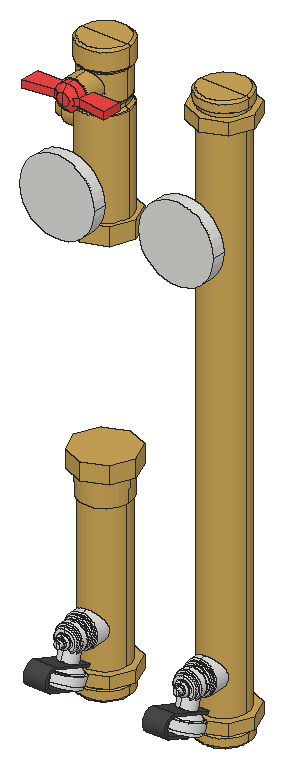
Revit family "VT.VAR10.G.07", category Оборудование, Revit 2019
Family settings
  Размер круглого соединителя = Использовать диаметр
  Тип детали = Нормальный
  Номер OmniClass = 23.75.00.00
  Заголовок OmniClass = Climate Control (HVAC)
  На основе рабочей плоскости = Нет
  Всегда вертикально = Да
  При загрузке вырезать с полостями = Нет
  Общий = Нет
  Точка расчета площади = Нет
Parameters
  Техническое описание = "https://valtec.ru/catalog/sistemy_modulnogo_montazha/gruppy_bystrogo_montazha/nasosnyj_modul_vtvar10g.html"
  Страна изготовитель = "Italy"
  Семейство продуктов = "Тепловая электростанция"
  Размер соединения = "G 1\"1/4 M"
  Практическое руководство по использованию семьи = "- Вы можете выбрать один из трех вариантов о типе насосов. Отметьте эту опцию в параметрах «без насоса» или «электронный насос с переменной скоростью» или «стандартный трехскоростной насос» в свойствах модели."
  Полный гидравлический возвратный поток = 0.0 L/s
  Пенополистрирольная теплоизоляция = no
  Описание Конфигурации = "Высокотемпературный комплект прямого потока для системы VARIMIX."
  Описание OmniClass = "HVAC Специальные продукты и оборудование"
  Описание NBS = "Клапан"
  Общий поток подачи гидравлики = 0.0 L/s
  Номинальная ширина = 0 mm
  Номинальная высота = 0 mm
  Материал основной = "Латунь"
  Материал вторичный = ""
  Материал = "Латунь - CW617N"
  Мастерформат 2014 Описание = "Отопление, вентиляция и кондиционирование воздуха (HVAC)"
  Макс рабочее давление (бар) = 10.0 bar
  Макс рабочая температура (°С) = 120 °C
  Код основной категории BIMobject = "Водопровод"
  Код категории BIMобъекта = "Водопроводным-другой"
  Классификация IFC = "Клапан"
  электронасос переменной скорости (по умолчанию) [instance] = no
  нет насоса = yes
  Инструкция по установке = "https://valtec.ru/catalog/sistemy_modulnogo_montazha/gruppy_bystrogo_montazha/nasosnyj_modul_vtvar10g.html"
  Группа товаров = "VARIMIX"
  Вес нетто (кг) = "0"
  Uniclass 2015 Name = "Системы отопления, охлаждения и охлаждения"
  Uniclass 2.0 Description = "Клапаны"
  URL продукта = "https://valtec.ru/catalog/sistemy_modulnogo_montazha/gruppy_bystrogo_montazha/nasosnyj_modul_vtvar10g.html"
  URL = "https://valtec.ru/catalog/sistemy_modulnogo_montazha/gruppy_bystrogo_montazha/nasosnyj_modul_vtvar10g.html"
  SKU продукта = "VARIMIX"
  Revit Version = "2018"  # constant formula
  Размеры соединения насоса = "G 1\"1/2 M"
  Изготовитель = "IVAR"  # constant formula
  Product certification = "https://www.ivar-group.com/en/web/international/modular-system-for-thermal-power-stations-varimix/c-2496-2486"
  Produced in = "Made in Italy"  # constant formula
  Группа модели = "VAR 10"  # constant formula
  Item code_IVAR [instance] = if(and(нет насоса, not([электронасос переменной скорости (по умолчанию)]), not([трехскоростной стандартный насос (по умолчанию)])), "550610", if(and([электронасос переменной скорости (по умолчанию)], not(нет насоса), not([трехскоростной стандартный насос (по умолчанию)])), "550610PE", if(and([трехскоростной стандартный насос (по умолчанию)], not(нет насоса), not([электронасос переменной скорости (по умолчанию)])), "550610P", "Attention! Make one and only one choice regarding the pump")))  # "550610"
  GTIN code = ""
  Описание = "Высокотемпературный комплект прямого потока для системы VARIMIX"  # constant formula
  BIMобъект основная категория = "Водопровод"
  BIMобъект категории = "Другие"
  Article Type = Группа модели  # "VAR 10"
  Описание статьи = Описание  # "Высокотемпературный комплект прямого потока для системы VARIMIX"
  трехскоростной стандартный насос (по умолчанию) [instance] = no
Reference planes
  plane 1 "RIF X": y = 0
  plane 2: z = 0
  plane 3 "RIF BB": x = 3500
  plane 4: x = 3600.11
  plane 5: z = 70.514
  plane 6: through (1975.934, -26.915, 81.293) normal (0.0033, -1, 0)
  plane 7: z = 81.918
  plane 8: through (1975.987, -42.915, 76.734) normal (-0.0033, 1, 0)
  plane 9: through (1975.977, -39.915, 70.514) normal (-0.0033, 1, 0)
  plane 10: z = 70.514
  plane 11: through (1975.934, -26.915, 81.293) normal (0.0033, -1, 0)
  plane 12: z = 81.918
  plane 13: through (1975.987, -42.915, 76.734) normal (-0.0033, 1, 0)
  plane 14: through (1975.977, -39.915, 70.514) normal (-0.0033, 1, 0)
  plane 15: z = 37.509
  plane 16: z = -337.491
  plane 17: through (2076.135, -42.304, -337.491) normal (0.0054, -0.9397, 0.342)
  plane 18: z = -337.491
  plane 19: through (3855.595, -1524, -337.491) normal (0.9397, 0, 0.342)
  plane 20: z = -337.491
  plane 21: through (1976.025, -42.304, -337.491) normal (0.0054, -0.9397, 0.342)
  plane 22 "dietro": y = 69
  plane 23 "davanti": y = -69
  plane 24: z = 88.123
Forms (mm)
  Revolve 1, solid, material "BRASS - CW617N", detail levels medium+fine
    sketch origin (-1.782, 0, 0) x (1, 0, 0) y (0, 0, 1)
      loop
        line (3601.892, 74.063) -> (3583.092, 74.063) -> (3583.092, -368.484) -> (3601.892, -368.484) -> (3601.892, 74.063)
      axis (3601.892, 74.063) -> (3601.892, -368.484)
    angle from 0 to 360
  Revolve 2, solid, material "BRASS - CW617N", detail levels medium+fine
    sketch origin (-1.782, 0, -294.445) x (1, 0, 0) y (0, 0, -1)
      loop
        line (3601.892, 96.555) -> (3582.8, 96.555) -> (3580.95, 94.705) -> (3580.95, 88.123) -> (3582.8, 87.055) -> (3582.8, 84.039) -> (3601.892, 84.039) -> (3601.892, 96.555)
      axis (3601.892, 96.555) -> (3601.892, 84.039)
    angle from 0 to 360
  Revolve 3, solid, material "BRASS - CW617N", detail levels medium+fine
    sketch origin (-1.782, 0, 0) x (1, 0, 0) y (0, 0, 1)
      loop
        line (3601.892, 96.555) -> (3582.8, 96.555) -> (3580.95, 94.705) -> (3580.95, 88.123) -> (3582.8, 87.055) -> (3582.8, 84.039) -> (3601.892, 84.039) -> (3601.892, 96.555)
      axis (3601.892, 96.555) -> (3601.892, 84.039)
    angle from 0 to 360
  Revolve 4, solid, material "BRASS - CW617N", detail levels medium+fine
    sketch origin (-101.892, 0, -294.445) x (1, 0, 0) y (0, 0, -1)
      loop
        line (3601.892, 96.555) -> (3582.8, 96.555) -> (3580.95, 94.705) -> (3580.95, 88.123) -> (3582.8, 87.055) -> (3582.8, 84.039) -> (3601.892, 84.039) -> (3601.892, 96.555)
      axis (3601.892, 96.555) -> (3601.892, 84.039)
    angle from 0 to 360
  Extrusion 5, solid, material "BRASS - CW617N", detail levels medium+fine
    sketch origin (-0.635, 152.341, 74.063) x (0, -1, 0) y (1, 0, 0)
      loop
        line (178.514, 3600.745) -> (170.848, 3619.252) -> (152.341, 3626.917) -> (133.834, 3619.252) -> (126.168, 3600.745) -> (133.834, 3582.238) -> (152.341, 3574.572) -> (170.848, 3582.238) -> (178.514, 3600.745)
    from 0.009 to 10
  Extrusion 6, solid, material "BRASS - CW617N", detail levels medium+fine
    sketch origin (-100.745, 152.341, -378.484) x (1, 0, 0) y (0, 1, 0)
      loop
        line (3600.745, -178.514) -> (3619.252, -170.848) -> (3626.917, -152.341) -> (3619.252, -133.834) -> (3600.745, -126.168) -> (3582.238, -133.834) -> (3574.572, -152.341) -> (3582.238, -170.848) -> (3600.745, -178.514)
    from 0 to 10
  Extrusion 7, solid, material "BRASS - CW617N", detail levels medium+fine
    sketch origin (-0.635, 152.341, -378.484) x (1, 0, 0) y (0, 1, 0)
      loop
        line (3600.745, -178.514) -> (3619.252, -170.848) -> (3626.917, -152.341) -> (3619.252, -133.834) -> (3600.745, -126.168) -> (3582.238, -133.834) -> (3574.572, -152.341) -> (3582.238, -170.848) -> (3600.745, -178.514)
    from 0 to 10
  Extrusion 8, solid, material "BRASS - CW617N", detail levels medium+fine
    sketch origin (0, 153.014, -44.5) x (0, -1, 0) y (1, 0, 0)
      loop
        line (153.014, 3473.991) -> (171.405, 3481.609) -> (179.023, 3500) -> (171.405, 3518.391) -> (153.014, 3526.009) -> (134.623, 3518.391) -> (127.005, 3500) -> (134.623, 3481.609) -> (153.014, 3473.991)
    from 0 to 14.5
  Extrusion 9, solid, material "BRASS - CW617N", detail levels medium+fine
    sketch origin (0, 153.014, -224) x (0, -1, 0) y (1, 0, 0)
      loop
        line (153.014, 3473.991) -> (171.405, 3481.609) -> (179.023, 3500) -> (171.405, 3518.391) -> (153.014, 3526.009) -> (134.623, 3518.391) -> (127.005, 3500) -> (134.623, 3481.609) -> (153.014, 3473.991)
    from 0 to 14.5
  Revolve 10, solid, material "BRASS - CW617N", detail levels medium+fine
    sketch origin (0, 0, 0) x (1, 0, 0) y (0, 0, 1)
      loop
        line (3479.141, 98.65) -> (3479.141, 83.85) -> (3480.39, 82.601)
        arc (3480.39, 82.601) -> (3480.835, 81.935) -> (3480.991, 81.15) r 2.052
        line (3480.991, 81.15) -> (3480.991, 59.036) -> (3481.259, 58.036) -> (3482.491, 55.774) -> (3482.491, 53.108)
        arc (3482.491, 53.108) -> (3481.754, 51.476) -> (3480.043, 50.95) r 2.175
        line (3480.043, 50.95) -> (3479.541, 50.025) -> (3479.541, -30) -> (3500, -30) -> (3500, 100.5) -> (3480.991, 100.5) -> (3479.141, 98.65)
      axis (3500, 100.5) -> (3500, -30)
    angle from 0 to 360
  Revolve 11, solid, material "BRASS - CW617N", detail levels medium+fine
    sketch origin (0, 0, 0) x (1, 0, 0) y (0, 0, 1)
      loop
        line (3500, -224) -> (3479.53, -224) -> (3479.942, -244.991) -> (3481.241, -244.991) -> (3481.241, -368.484) -> (3500, -368.484) -> (3500, -224)
      axis (3500, -224) -> (3500, -368.484)
    angle from 0 to 360
  Revolve 12, solid, material "BRASS - CW617N", detail levels fine
    sketch origin (3500.114, -78.556, 15.384) x (0, 0, -1) y (0.003319, -0.999994, 0)
      loop
        line (-66.534, -78.458) -> (-55.13, -78.458) -> (-55.13, -45.631) -> (-66.534, -45.631) -> (-66.534, -78.458)
      axis (-55.13, -45.631) -> (-55.13, -78.458)
    angle from 0 to 360
  Extrusion 13, solid, material "Plastic - Red", detail levels fine
    sketch origin (3555.102, -78.556, 70.733) x (0.999999, 0, 0.001416) y (-0.000005, -0.999994, 0.003319)
      loop
        line (-44.92, -38.045) -> (-50.246, -35.39) -> (-55.13, -35.39) -> (-60.014, -35.39) -> (-65.34, -38.045) -> (-89.63, -34.331) -> (-89.63, -50.7) -> (-64.864, -50.7) -> (-64.864, -43.7) -> (-61.35, -40.7) -> (-55.13, -40.7) -> (-48.91, -40.7) -> (-45.396, -43.7) -> (-45.396, -50.7) -> (-20.63, -50.7) -> (-20.63, -34.331) -> (-44.92, -38.045)
    from -2.97 to 2.97
  Revolve 14, solid, material "RGB 255 0 0", detail levels fine
    sketch origin (3500.114, -78.556, 15.384) x (0, 0, -1) y (0.003319, -0.999994, 0)
      loop
        line (-65.489, -45.631) -> (-55.13, -45.631) -> (-55.13, -34.715) -> (-60.276, -34.715) -> (-65.489, -39.165) -> (-65.489, -45.631)
      axis (-55.13, -45.631) -> (-55.13, -34.715)
    angle from 0 to 360
  Extrusion 15, solid, material "Copper - Nickel", detail levels fine
    sketch origin (4472.69, -25, 0) x (1, 0, 0) y (0, 0, 1)
      loop
        circle (-972.69, 0) r 7
    from -30 to 15
  Extrusion 16, solid, material "Copper - Nickel", detail levels fine
    sketch origin (4472.69, -40, 100) x (1, 0, 0) y (0, 0, 1)
      loop
        circle (-972.69, -100) r 31.5
    from 0 to 10
  Extrusion 17, solid, material "Copper - Nickel", detail levels fine
    sketch origin (4572.799, -30, 0) x (1, 0, 0) y (0, 0, 1)
      loop
        circle (-972.69, 0) r 7
    from -30 to 15
  Extrusion 18, solid, material "Copper - Nickel", detail levels fine
    sketch origin (4572.799, -25, 0) x (1, 0, 0) y (0, 0, 1)
      loop
        circle (-972.69, 0) r 7
    from -30 to 15
  Extrusion 19, solid, material "Copper - Nickel", detail levels fine
    sketch origin (4572.799, -40, 100) x (1, 0, 0) y (0, 0, 1)
      loop
        circle (-972.69, -100) r 31.5
    from 0 to 10
  Revolve 20, solid, material "BRASS - CW617N", detail levels medium+fine
    sketch origin (0, 0, 0) x (1, 0, 0) y (0, 0, 1)
      loop
        line (3500.051, 37.509) -> (3500.051, 49.509) -> (3473.491, 49.509) -> (3473.491, 46.509) -> (3465.491, 46.509) -> (3465.491, 37.509) -> (3500.051, 37.509)
      axis (3500.051, 37.509) -> (3465.491, 37.509)
    angle from 0 to 360
  Revolve 21, solid, material "Brass - Nickel", detail levels medium+fine
    sketch origin (3577.964, 3821.981, 0) x (0.005744, -0.999984, 0) y (0, 0, 1)
      loop
        line (3834.932, -323.741) -> (3834.932, -337.491) -> (3872.295, -337.491) -> (3872.295, -334.991) -> (3868.846, -334.991) -> (3868.846, -334.091) -> (3867.895, -334.091) -> (3867.895, -333.018)
        arc (3867.895, -333.018) -> (3867.349, -332.275) -> (3866.471, -331.991) r 1.5
        line (3866.471, -331.991) -> (3865.639, -331.991)
        arc (3865.639, -331.991) -> (3864.996, -331.758) -> (3864.654, -331.165) r 1
        line (3864.654, -331.165) -> (3864.24, -328.818)
        arc (3864.24, -328.818) -> (3863.898, -328.225) -> (3863.256, -327.991) r 1
        line (3863.256, -327.991) -> (3861.356, -327.991) -> (3860.508, -326.761)
        arc (3860.508, -326.761) -> (3860.149, -326.443) -> (3859.683, -326.328) r 1.001
        line (3859.683, -326.328) -> (3854.64, -326.328)
        arc (3854.64, -326.328) -> (3854.035, -326.485) -> (3853.581, -326.915) r 1.249
        line (3853.581, -326.915) -> (3852.908, -327.991)
        arc (3852.908, -327.991) -> (3851.776, -327.791) -> (3851.1, -326.86) r 1.537
        line (3851.1, -326.86) -> (3850.821, -325.738)
        arc (3850.821, -325.738) -> (3850.516, -325.27) -> (3849.988, -325.088) r 0.858
        line (3849.988, -325.088) -> (3848.695, -325.088) -> (3847.748, -324.845) -> (3846.645, -323.741) -> (3834.932, -323.741)
      axis (3834.932, -337.491) -> (3872.295, -337.491)
    angle from 0 to 360
  Revolve 22, solid, material "Brass - Nickel", detail levels medium+fine
    sketch origin (3577.964, 3821.981, 0) x (0.005744, -0.999984, 0) y (0, 0, 1)
      loop
        line (3850.667, -345.881) -> (3854.43, -356.219) -> (3851.51, -363.445) -> (3851.438, -364.226) -> (3850.48, -364.574) -> (3849.872, -365.091) -> (3852.074, -371.141) -> (3852.842, -370.861) -> (3853.789, -373.462) -> (3860.508, -371.016) -> (3861.063, -372.951) -> (3861.993, -372.612) -> (3862.435, -373.828) -> (3863.459, -374.2) -> (3868.313, -372.434) -> (3855.595, -337.491) -> (3854.371, -337.937)
        arc (3854.371, -337.937) -> (3850.874, -341.142) -> (3850.667, -345.881) r 6.198
      axis (3855.595, -337.491) -> (3868.313, -372.434)
    angle from 0 to 360
  Extrusion 23, solid, material "EPDM - Black", detail levels medium+fine
    sketch origin (3587.182, 3822.034, 0) x (0.005744, -0.999984, 0) y (0, 0, 1)
      loop
        line (3849.731, -357.929) -> (3850.415, -359.809) -> (3885.007, -347.219)
        arc (3885.007, -347.219) -> (3893.979, -351.402) -> (3889.795, -360.374) r 7
        line (3889.795, -360.374) -> (3860.503, -371.036) -> (3861.063, -372.951) -> (3890.402, -362.272)
        arc (3890.402, -362.272) -> (3895.779, -350.742) -> (3884.249, -345.366) r 8.996
        line (3884.249, -345.366) -> (3849.731, -357.929)
    from 0 to 18.5
  Revolve 24, solid, material "Brass - Nickel", not visible, detail levels medium+fine
    sketch origin (0, 0, 0) x (1, 0, 0) y (0, 0, 1)
      loop
        line (3834.932, -323.741) -> (3834.932, -337.491) -> (3872.295, -337.491) -> (3872.295, -334.991) -> (3868.846, -334.991) -> (3868.846, -334.091) -> (3867.895, -334.091) -> (3867.895, -333.018)
        arc (3867.895, -333.018) -> (3867.349, -332.275) -> (3866.471, -331.991) r 1.5
        line (3866.471, -331.991) -> (3865.639, -331.991)
        arc (3865.639, -331.991) -> (3864.996, -331.758) -> (3864.654, -331.165) r 1
        line (3864.654, -331.165) -> (3864.24, -328.818)
        arc (3864.24, -328.818) -> (3863.898, -328.225) -> (3863.256, -327.991) r 1
        line (3863.256, -327.991) -> (3861.356, -327.991) -> (3860.508, -326.761)
        arc (3860.508, -326.761) -> (3860.149, -326.443) -> (3859.683, -326.328) r 1.001
        line (3859.683, -326.328) -> (3854.64, -326.328)
        arc (3854.64, -326.328) -> (3854.035, -326.485) -> (3853.581, -326.915) r 1.249
        line (3853.581, -326.915) -> (3852.908, -327.991)
        arc (3852.908, -327.991) -> (3851.776, -327.791) -> (3851.1, -326.86) r 1.537
        line (3851.1, -326.86) -> (3850.821, -325.738)
        arc (3850.821, -325.738) -> (3850.516, -325.27) -> (3849.988, -325.088) r 0.858
        line (3849.988, -325.088) -> (3848.695, -325.088) -> (3847.748, -324.845) -> (3846.645, -323.741) -> (3834.932, -323.741)
      axis (3834.932, -337.491) -> (3872.295, -337.491)
    angle from 0 to 360
  Revolve 25, solid, material "Brass - Nickel", not visible, detail levels medium+fine
    sketch origin (0, 0, 0) x (1, 0, 0) y (0, 0, 1)
      loop
        line (3850.667, -345.881) -> (3854.43, -356.219) -> (3851.51, -363.445) -> (3851.438, -364.226) -> (3850.48, -364.574) -> (3849.872, -365.091) -> (3852.074, -371.141) -> (3852.842, -370.861) -> (3853.789, -373.462) -> (3860.508, -371.016) -> (3861.063, -372.951) -> (3861.993, -372.612) -> (3862.435, -373.828) -> (3863.459, -374.2) -> (3868.313, -372.434) -> (3855.595, -337.491) -> (3854.371, -337.937)
        arc (3854.371, -337.937) -> (3850.874, -341.142) -> (3850.667, -345.881) r 6.198
      axis (3855.595, -337.491) -> (3868.313, -372.434)
    angle from 0 to 360
  Extrusion 26, solid, material "EPDM - Black", not visible, detail levels medium+fine
    sketch origin (0, 9.219, 0) x (1, 0, 0) y (0, 0, 1)
      loop
        line (3849.731, -357.929) -> (3850.415, -359.809) -> (3885.007, -347.219)
        arc (3885.007, -347.219) -> (3893.979, -351.402) -> (3889.795, -360.374) r 7
        line (3889.795, -360.374) -> (3860.503, -371.036) -> (3861.063, -372.951) -> (3890.402, -362.272)
        arc (3890.402, -362.272) -> (3895.779, -350.742) -> (3884.249, -345.366) r 8.996
        line (3884.249, -345.366) -> (3849.731, -357.929)
    from 0 to 18.5
  Revolve 27, solid, material "Brass - Nickel", detail levels medium+fine
    sketch origin (3477.854, 3821.981, 0) x (0.005744, -0.999984, 0) y (0, 0, 1)
      loop
        line (3834.932, -323.741) -> (3834.932, -337.491) -> (3872.295, -337.491) -> (3872.295, -334.991) -> (3868.846, -334.991) -> (3868.846, -334.091) -> (3867.895, -334.091) -> (3867.895, -333.018)
        arc (3867.895, -333.018) -> (3867.349, -332.275) -> (3866.471, -331.991) r 1.5
        line (3866.471, -331.991) -> (3865.639, -331.991)
        arc (3865.639, -331.991) -> (3864.996, -331.758) -> (3864.654, -331.165) r 1
        line (3864.654, -331.165) -> (3864.24, -328.818)
        arc (3864.24, -328.818) -> (3863.898, -328.225) -> (3863.256, -327.991) r 1
        line (3863.256, -327.991) -> (3861.356, -327.991) -> (3860.508, -326.761)
        arc (3860.508, -326.761) -> (3860.149, -326.443) -> (3859.683, -326.328) r 1.001
        line (3859.683, -326.328) -> (3854.64, -326.328)
        arc (3854.64, -326.328) -> (3854.035, -326.485) -> (3853.581, -326.915) r 1.249
        line (3853.581, -326.915) -> (3852.908, -327.991)
        arc (3852.908, -327.991) -> (3851.776, -327.791) -> (3851.1, -326.86) r 1.537
        line (3851.1, -326.86) -> (3850.821, -325.738)
        arc (3850.821, -325.738) -> (3850.516, -325.27) -> (3849.988, -325.088) r 0.858
        line (3849.988, -325.088) -> (3848.695, -325.088) -> (3847.748, -324.845) -> (3846.645, -323.741) -> (3834.932, -323.741)
      axis (3834.932, -337.491) -> (3872.295, -337.491)
    angle from 0 to 360
  Revolve 28, solid, material "Brass - Nickel", detail levels medium+fine
    sketch origin (3477.854, 3821.981, 0) x (0.005744, -0.999984, 0) y (0, 0, 1)
      loop
        line (3850.667, -345.881) -> (3854.43, -356.219) -> (3851.51, -363.445) -> (3851.438, -364.226) -> (3850.48, -364.574) -> (3849.872, -365.091) -> (3852.074, -371.141) -> (3852.842, -370.861) -> (3853.789, -373.462) -> (3860.508, -371.016) -> (3861.063, -372.951) -> (3861.993, -372.612) -> (3862.435, -373.828) -> (3863.459, -374.2) -> (3868.313, -372.434) -> (3855.595, -337.491) -> (3854.371, -337.937)
        arc (3854.371, -337.937) -> (3850.874, -341.142) -> (3850.667, -345.881) r 6.198
      axis (3855.595, -337.491) -> (3868.313, -372.434)
    angle from 0 to 360
  Extrusion 29, solid, material "EPDM - Black", detail levels medium+fine
    sketch origin (3487.073, 3822.034, 0) x (0.005744, -0.999984, 0) y (0, 0, 1)
      loop
        line (3849.731, -357.929) -> (3850.415, -359.809) -> (3885.007, -347.219)
        arc (3885.007, -347.219) -> (3893.979, -351.402) -> (3889.795, -360.374) r 7
        line (3889.795, -360.374) -> (3860.503, -371.036) -> (3861.063, -372.951) -> (3890.402, -362.272)
        arc (3890.402, -362.272) -> (3895.779, -350.742) -> (3884.249, -345.366) r 8.996
        line (3884.249, -345.366) -> (3849.731, -357.929)
    from 0 to 18.5
  Extrusion 30, solid, material "PPE - INSULATION", visible <- "Пенополистрирольная теплоизоляция", detail levels medium+fine
    sketch origin (3434.988, -3629.409, 2034.689) x (0, 1, 0) y (0, 0, 1)
      loop
        arc (3563.409, -1915.863) -> (3556.338, -1918.792) -> (3553.409, -1925.863) r 10
        line (3553.409, -1925.863) -> (3553.409, -2051.884)
        arc (3553.409, -2051.884) -> (3548.155, -2065.396) -> (3535.152, -2071.808) r 20
        line (3535.152, -2071.808) -> (3489.68, -2075.787)
        arc (3489.68, -2075.787) -> (3450.673, -2095.023) -> (3434.909, -2135.558) r 60
        line (3434.909, -2135.558) -> (3434.909, -2364.863)
        arc (3434.909, -2364.863) -> (3452.483, -2407.29) -> (3494.909, -2424.863) r 60
        line (3494.909, -2424.863) -> (3588.909, -2424.863) -> (3589.909, -2425.863) -> (3656.895, -2425.863)
        arc (3656.895, -2425.863) -> (3658.319, -2425.273) -> (3658.909, -2423.849) r 2.014
        line (3658.909, -2423.849) -> (3658.909, -2422.757)
        arc (3658.909, -2422.757) -> (3659.464, -2421.418) -> (3660.803, -2420.863) r 1.894
        line (3660.803, -2420.863) -> (3667.116, -2420.863)
        arc (3667.116, -2420.863) -> (3668.384, -2420.338) -> (3668.909, -2419.07) r 1.793
        line (3668.909, -2419.07) -> (3668.909, -2025.363)
        arc (3668.909, -2025.363) -> (3668.451, -2024.036) -> (3667.219, -2023.36) r 1.95
        arc (3667.219, -2023.36) -> (3666.283, -2022.858) -> (3665.909, -2021.863) r 1.511
        line (3665.909, -2021.863) -> (3665.909, -2009.863)
        arc (3665.909, -2009.863) -> (3666.301, -2008.852) -> (3667.273, -2008.369) r 1.5
        arc (3667.273, -2008.369) -> (3668.512, -2007.71) -> (3668.909, -2006.363) r 1.812
        line (3668.909, -2006.363) -> (3668.909, -1921.682)
        arc (3668.909, -1921.682) -> (3668.376, -1920.396) -> (3667.09, -1919.863) r 1.819
        line (3667.09, -1919.863) -> (3660.829, -1919.863)
        arc (3660.829, -1919.863) -> (3659.472, -1919.301) -> (3658.909, -1917.943) r 1.92
        line (3658.909, -1917.943) -> (3658.909, -1916.845)
        arc (3658.909, -1916.845) -> (3658.329, -1915.444) -> (3656.927, -1914.863) r 1.982
        line (3656.927, -1914.863) -> (3629.409, -1914.863) -> (3629.409, -1916.863) -> (3626.409, -1916.863) -> (3626.409, -1915.863) -> (3563.409, -1915.863)
    from 0 to 230
  Extrusion 31, void
    sketch origin (-305.973, -70, 2032.189) x (1, 0, 0) y (0, 0, 1)
      loop
        line (3801.961, -1974.886) -> (3801.961, -2002.31)
        arc (3801.961, -2002.31) -> (3801.265, -2004.289) -> (3799.482, -2005.397) r 3.162
        arc (3799.482, -2005.397) -> (3776.139, -2037.948) -> (3805.961, -2064.689) r 30
        arc (3805.961, -2064.689) -> (3835.784, -2037.946) -> (3812.438, -2005.396) r 30
        arc (3812.438, -2005.396) -> (3810.657, -2004.29) -> (3809.961, -2002.312) r 3.158
        line (3809.961, -2002.312) -> (3809.961, -1974.892)
        arc (3809.961, -1974.892) -> (3809.367, -1973.457) -> (3807.932, -1972.863) r 2.029
        line (3807.932, -1972.863) -> (3803.984, -1972.863)
        arc (3803.984, -1972.863) -> (3802.554, -1973.456) -> (3801.961, -1974.886) r 2.023
      loop
        line (3901.961, -1974.886) -> (3901.961, -2002.31)
        arc (3901.961, -2002.31) -> (3901.265, -2004.289) -> (3899.482, -2005.397) r 3.162
        arc (3899.482, -2005.397) -> (3876.139, -2037.948) -> (3905.961, -2064.689) r 30
        arc (3905.961, -2064.689) -> (3935.784, -2037.946) -> (3912.438, -2005.396) r 30
        arc (3912.438, -2005.396) -> (3910.657, -2004.29) -> (3909.961, -2002.312) r 3.158
        line (3909.961, -2002.312) -> (3909.961, -1974.892)
        arc (3909.961, -1974.892) -> (3909.367, -1973.457) -> (3907.932, -1972.863) r 2.029
        line (3907.932, -1972.863) -> (3903.984, -1972.863)
        arc (3903.984, -1972.863) -> (3902.554, -1973.456) -> (3901.961, -1974.886) r 2.023
    from -32.5 to 11.165
  Revolve 32, solid, material "Brass - Nickel", visible <- "электронасос переменной скорости (по умолчанию)", not visible, detail levels medium+fine
    sketch origin (3443.307, -16.304, -23.653) x (0, 0, -1) y (-1, 0, 0)
      loop
        line (101.552, 4.488) -> (69.369, 4.488) -> (69.369, -17.834) -> (61.253, -25.95) -> (101.552, -25.95) -> (101.552, 4.488)
      axis (101.552, -25.95) -> (101.552, 4.488)
    angle from 0 to 360
  Revolve 33, solid, material "PA Nylon 6 - Black", visible <- "электронасос переменной скорости (по умолчанию)", not visible, detail levels medium+fine
    sketch origin (3721.119, -16.595, 47.992) x (-1, 0, 0) y (0, 0, -1)
      loop
        line (221.119, 119.545) -> (221.119, 213.495) -> (204, 213.495)
        arc (204, 213.495) -> (203.528, 205.876) -> (200.936, 198.695) r 26.922
        line (200.936, 198.695) -> (192.869, 183.523)
        arc (192.869, 183.523) -> (187.172, 163.298) -> (190.39, 142.534) r 49.437
        arc (190.39, 142.534) -> (195.094, 133.333) -> (201.607, 125.311) r 49.437
        arc (201.607, 125.311) -> (203.378, 122.666) -> (204, 119.545) r 8.145
        line (204, 119.545) -> (221.119, 119.545)
      axis (221.119, 213.495) -> (221.119, 119.545)
    angle from 0 to 360
  Extrusion 34, solid, material "Stainless Steel - Grey", visible <- "электронасос переменной скорости (по умолчанию)", not visible, detail levels medium+fine
    sketch origin (3719.869, 39.86, -307.019) x (-1, 0, 0) y (0, 0, -1)
      loop
        line (281.05, -146.506) -> (281.05, -249.389) -> (316.201, -249.389) -> (316.201, -141.28) -> (317.165, -141.28) -> (316.196, -135.785) -> (304.801, -135.785) -> (304.801, -137.178) -> (301.05, -137.178) -> (301.05, -146.506) -> (281.05, -146.506)
    from 20.576 to 91.752
  Revolve 35, solid, material "PA Nylon 6 - Black", visible <- "электронасос переменной скорости (по умолчанию)", not visible, detail levels medium+fine
    sketch origin (3443.307, -16.304, -23.653) x (0, 0, -1) y (-1, 0, 0)
      loop
        line (101.552, -25.95) -> (61.253, -25.95) -> (61.253, -56.5) -> (101.552, -56.5) -> (101.552, -25.95)
      axis (101.552, -25.95) -> (101.552, -56.5)
    angle from 0 to 360
  Revolve 36, solid, material "PA Nylon 6 - Black", visible <- "электронасос переменной скорости (по умолчанию)", not visible, detail levels medium+fine
    sketch origin (3721.119, -16.595, 47.992) x (-1, 0, 0) y (0, 0, -1)
      loop
        line (221.119, 213.495) -> (221.119, 261.202) -> (204, 261.202) -> (204, 213.495) -> (221.119, 213.495)
      loop
        line (204, 90.645) -> (221.119, 90.645) -> (221.119, 119.545) -> (204, 119.545) -> (204, 90.645)
      axis (221.119, 261.202) -> (221.119, 90.645)
    angle from 0 to 360
  Extrusion 37, solid, detail levels medium+fine
    sketch origin (51.822, 403.771, -383.568) x (1, 0, 0) y (0, 1, 0)
      loop
        circle (3448.178, -403.842) r 1
    from 0 to 1
  Extrusion 38, solid, detail levels medium+fine
    sketch origin (151.932, 403.771, -383.568) x (1, 0, 0) y (0, 1, 0)
      loop
        circle (3448.178, -403.842) r 1
    from 0 to 1
  Extrusion 39, solid, detail levels medium+fine
    sketch origin (51.822, 403.771, 88.123) x (1, 0, 0) y (0, 1, 0)
      loop
        circle (3448.178, -403.842) r 1
    from 0 to 1
  Extrusion 40, solid, detail levels medium+fine
    sketch origin (151.932, 403.771, 88.123) x (1, 0, 0) y (0, 1, 0)
      loop
        circle (3448.178, -403.842) r 1
    from 0 to 1
Cuts and joins
  Extrusion 31 cuts Extrusion 30
Lines and regions (mm)
  model lines, detail levels medium+fine
    curve 1: line (3600.11, 0, 96.555) -> (3600.11, 0, -391)
    curve 3: line (3500, 0, 7) -> (3500, 0, -7)
    curve 4: line (3600.11, 0, 7) -> (3600.11, 0, -7)
    curve 5: line (3600.183, -46.273, -372.448) -> (3600.091, -30.242, -328.401)
    curve 7: line (3500.073, -46.273, -372.448) -> (3499.981, -30.242, -328.401)
    curve 8: line (3499.985, 0, 61.826) -> (3499.985, 0, -30)
  model lines, detail levels fine
    curve 2: line (3499.962, 0, 80.309) -> (3499.962, 0, 56.709)
  model lines, not visible, detail levels medium+fine
    curve 6: line (3868.318, 0, -372.448) -> (3852.286, 0, -328.401)
  model lines, style "IVAR_LOW PROFILE", detail levels coarse
    curve 9: line (3434.988, 39.504, 119.826) -> (3664.988, 39.504, 119.826)
    curve 10: line (3434.988, 39.504, -391.174) -> (3434.988, 39.504, 119.826)
    curve 11: line (3664.988, 39.504, -391.174) -> (3434.988, 39.504, -391.174)
    curve 12: line (3664.988, 39.504, 119.826) -> (3664.988, 39.504, -391.174)
    curve 13: line (3435, 39.504, -391.174) -> (3435, -194.5, -391.174)
    curve 14: line (3435, -194.5, -37.119) -> (3435, -194.5, -391.174)
    curve 15: line (3435, 39.504, 119.826) -> (3435, -76, 119.826)
    curve 16: line (3435, -76, -37.119) -> (3435, -76, 119.826)
    curve 17: line (3435, 39.504, 119.826) -> (3435, 39.504, -391.174)
    curve 18: line (3665, -76, -37.119) -> (3665, -194.5, -37.119)
    curve 19: line (3665, 39.504, -391.174) -> (3665, -194.5, -391.174)
    curve 20: line (3665, -194.5, -37.119) -> (3665, -194.5, -391.174)
    curve 21: line (3665, 39.504, 119.826) -> (3665, -76, 119.826)
    curve 22: line (3665, -76, -37.119) -> (3665, -76, 119.826)
    curve 23: line (3665, 39.504, 119.826) -> (3665, 39.504, -391.174)
    curve 24: line (3434.988, -76, -37.119) -> (3664.976, -76, -37.119)
    curve 25: line (3434.988, -194.5, -37.119) -> (3664.976, -194.5, -37.119)
    curve 26: line (3434.988, -76, 119.826) -> (3664.988, -76, 119.826)
    curve 27: line (3435.012, -194.5, -391.174) -> (3665, -194.5, -391.174)
Dimensions and locks
  aligned and locked: plane 2 to level
  aligned and locked: Revolve 1 sketch curve to plane 4
  aligned and locked: Revolve 10 sketch curve to plane 3 "RIF BB"
  aligned and locked: Revolve 10 to Extrusion 8
  aligned and locked: Revolve 1 to Extrusion 7
  aligned and locked: Extrusion 7 to Revolve 2
  aligned and locked: Revolve 11 sketch curve to plane 3 "RIF BB"
  aligned and locked: Revolve 11 to Extrusion 6
  aligned and locked: Revolve 20 sketch curve to plane 15
  aligned and locked: Revolve 21 sketch curve to plane 16
  aligned and locked: Revolve 22 sketch curve to plane 17
  aligned and locked: Revolve 24 sketch curve to plane 18
  aligned and locked: Revolve 25 sketch curve to plane 19
  aligned and locked: Revolve 27 sketch curve to plane 20
  aligned and locked: Revolve 28 sketch curve to plane 21
Connectors
  piping at (3500, -0.07, -383.568), diameter 32, driven by "Общий поток подачи гидравлики"
    settings: on Extrusion 37, index 1, connector inside diameter 609.6 mm, connector length 0 mm, flow factor 0, pipe flow 0.0 L/s, pressure drop 0.0 bar, fitting loss kfactor 0, connector angle 0.00°, fixture units 0, engagement length 0 mm, angle of deflection 0.00°, flow configuration 1, flow direction 1, fitting loss method 0, system type 7, joint type 0, gender type 0, connector reference index -1, connector utility 0, adjustable connector no, is connector primary yes, connector description "Total Hydronic Supply Flow_IN"
  piping at (3600.11, -0.07, -383.568), diameter 32, driven by "Полный гидравлический возвратный поток"
    settings: on Extrusion 38, index 2, connector inside diameter 609.6 mm, connector length 0 mm, flow factor 0, pipe flow 0.0 L/s, pressure drop 0.0 bar, fitting loss kfactor 0, connector angle 0.00°, fixture units 0, engagement length 0 mm, angle of deflection 0.00°, flow configuration 1, flow direction 2, fitting loss method 0, system type 8, joint type 0, gender type 0, connector reference index -1, connector utility 0, adjustable connector no, is connector primary no, connector description "Total Hydronic Return Flow_OUT"
  piping at (3500, -0.07, 89.123), diameter 32, driven by "Общий поток подачи гидравлики"
    settings: on Extrusion 39, index 3, connector inside diameter 609.6 mm, connector length 0 mm, flow factor 0, pipe flow 0.0 L/s, pressure drop 0.0 bar, fitting loss kfactor 0, connector angle 0.00°, fixture units 0, engagement length 0 mm, angle of deflection 0.00°, flow configuration 0, flow direction 2, fitting loss method 0, system type 7, joint type 0, gender type 0, connector reference index -1, connector utility 0, adjustable connector no, is connector primary no, connector description "Total Hydronic Supply Flow_OUT"
  piping at (3600.11, -0.07, 89.123), diameter 32, driven by "Полный гидравлический возвратный поток"
    settings: on Extrusion 40, index 4, connector inside diameter 609.6 mm, connector length 0 mm, flow factor 0, pipe flow 0.0 L/s, pressure drop 0.0 bar, fitting loss kfactor 0, connector angle 0.00°, fixture units 0, engagement length 0 mm, angle of deflection 0.00°, flow configuration 0, flow direction 1, fitting loss method 0, system type 8, joint type 0, gender type 0, connector reference index -1, connector utility 0, adjustable connector no, is connector primary no, connector description "Total Hydronic Return Flow_IN"
  piping at (3500, 0, -30), diameter 44.8
    settings: on Revolve 10, index 5, connector inside diameter 609.6 mm, connector length 0 mm, flow factor 0, pipe flow 0.0 L/s, pressure drop 0.0 bar, fitting loss kfactor 0, connector angle 0.00°, fixture units 0, engagement length 0 mm, angle of deflection 0.00°, flow configuration 1, flow direction 1, fitting loss method 0, system type 7, joint type 0, gender type 0, connector reference index -1, connector utility 0, adjustable connector no, is connector primary no, connector description ""
  piping at (3500, 0, -224), diameter 44.8
    settings: on Revolve 11, index 6, connector inside diameter 609.6 mm, connector length 0 mm, flow factor 0, pipe flow 0.0 L/s, pressure drop 0.0 bar, fitting loss kfactor 0, connector angle 0.00°, fixture units 0, engagement length 0 mm, angle of deflection 0.00°, flow configuration 1, flow direction 2, fitting loss method 0, system type 7, joint type 0, gender type 0, connector reference index -1, connector utility 0, adjustable connector no, is connector primary no, connector description ""
